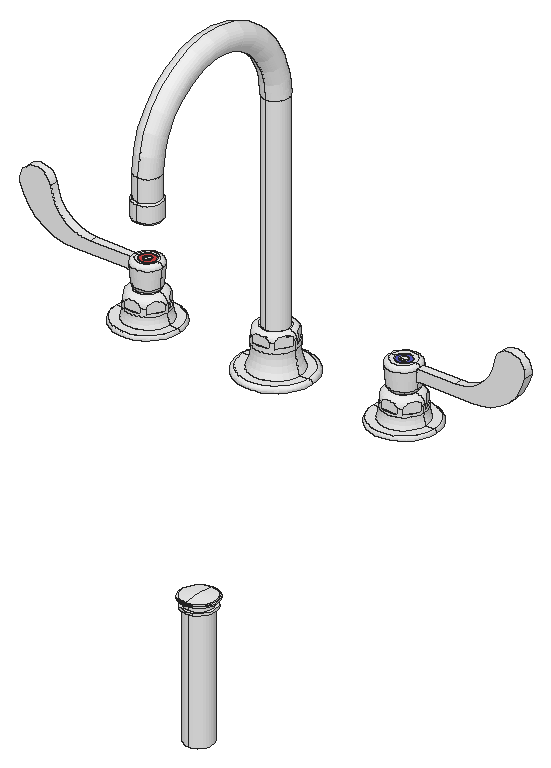
Revit family "Faucet-Two_Handle-American_Standard-Monterrey-65401X0_Series.rfaxxxx", category Plumbing Fixtures, Revit 2019
Family settings
  Round Connector Dimension = Use Diameter
  Part Type = Normal
  OmniClass Number = 23.45.55.17
  OmniClass Title = Mixing Faucets
  Work Plane-Based = Yes
  Always vertical = No
  Cut with Voids When Loaded = No
  Shared = Yes
  Room Calculation Point = No
Parameters (values of type "6540.170.002")
  Wrist Blade Handles = yes
  Waste Connection = no
  Warranty Information = "5 Year Limited Warranty"
  WFU = 2
  Vent Connection = no
  URL = "https://americanstandard.ca/"
  Spout Reach = 5"
  Revised Date = "07/25/2022"
  Reach Height = 6 1/2"
  Product Page URL = "https://americanstandard.ca/Mechanical-Commercial-Fittings/Monterrey-8-Inch-Widespread-Gooseneck-Faucet-With-Wrist-Blade-Handles-15-gpm-57-Lpm/CHROME-6540170002"
  Product Documentation Link = "https://americanstandard.box.com/shared/static/75bwkv9bam5zr1diu6ludrzjhu0dzpfk.pdf"
  Price = "Prices may vary. Please consult Manufacturer Representative for most up-to-date price list."  # constant formula
  Pop-up Drain Width from Faucet Centre Constraint = 3"
  Pop-up Drain Included = 1 = 1  # yes
  Pop-up Drain Depth = 5"
  Model = "6540.170.002"
  Material = "Cast Brass-American Standard-002-Polished Chrome"
  Manufacturer = "American Standard"
  Lever Handles = not(Wrist Blade Handles)  # no
  Length = 15 3/4"
  Installation Type = "Deck Mounted"
  Hot Water Connection Diameter = 1/2"
  Height = 10 5/8"
  Handle Distance = 8"
  HWFU = 1.5
  HW Connection = yes
  Flow Rate = "1.5 gpm/5.7 Lpm"
  Finish = Cast Brass-American Standard-002-Polished Chrome
  Description = "Monterrey® 8-Inch Widespread Gooseneck Faucet With Wrist Blade Handles 1.5 gpm/5.7 Lpm"
  Default Elevation = 0"
  Creation Date = "02/25/2016"
  Compliance Certifications = "ASME A112.18.1, CSA B125.1 and NSF 372"
  Cold Water Connection Diameter = 1/2"
  CWFU = 1.5
  CW Connection = yes
  Assembly Code = "D2020300"
  ADA Compliant = yes
Types (3): name | Wrist Blade Handles | Product Page URL | Product Documentation Link | Model | Lever Handles | Length | Description
  (no name) | yes | "https://americanstandard.ca/Mechanical-Commercial-Fittings/Monterrey-8-Inch-Widespread-Gooseneck-Faucet-With-Wrist-Blade-Handles-15-gpm-57-Lpm/CHROME-6540170002" | "https://americanstandard.box.com/shared/static/75bwkv9bam5zr1diu6ludrzjhu0dzpfk.pdf" | "6540.170.002" | no | 15 3/4" | "Monterrey® 8-Inch Widespread Gooseneck Faucet With Wrist Blade Handles 1.5 gpm/5.7 Lpm"
  6540.170.002 | yes | "https://americanstandard.ca/Mechanical-Commercial-Fittings/Monterrey-8-Inch-Widespread-Gooseneck-Faucet-With-Wrist-Blade-Handles-15-gpm-57-Lpm/CHROME-6540170002" | "https://americanstandard.box.com/shared/static/75bwkv9bam5zr1diu6ludrzjhu0dzpfk.pdf" | "6540.170.002" | no | 15 3/4" | "Monterrey® 8-Inch Widespread Gooseneck Faucet With Wrist Blade Handles 1.5 gpm/5.7 Lpm"
  6540.140.002 | no | "https://americanstandard.ca/Mechanical-Commercial-Fittings/Monterrey-8-Inch-Widespread-Gooseneck-Faucet-With-Lever-Handles-15-gpm-57-Lpm/CHROME-6540140002" | "https://americanstandard.box.com/shared/static/lr9xl6yb2hbb5vzryklzcfi2rpg5sjh2.pdf" | "6540.140.002" | yes | 12 1/2" | "Monterrey® 8-Inch Widespread Gooseneck Faucet With Lever Handles 1.5 gpm/5.7 Lpm"
Reference planes (in)
  plane 1 "Center (Front/Back)": y = 0
  plane 2: z = 0
  plane 3 "Center (Left/Right)": x = 0
  plane 4: z = 10.625
  plane 5: y = -5
  plane 6: z = 6.5
  plane 7: x = 4
  plane 8: x = -4
  plane 9: x = -5
  plane 10: z = 0.17426
  plane 11: y = -0.375
  plane 12: x = -3
  plane 13: x = 5
  plane 14: x = 3
  plane 15: x = -7.875
  plane 16: x = 7.875
  plane 17: x = -6.25
  plane 18: z = -5
  plane 19: y = -3
  plane 20: x = 0.37856
  plane 21: x = -0.37856
Forms (in)
  Sweep 1, solid, material "Cast Brass-American Standard-002-Polished Chrome" <- "Finish"
    path origin (0, 0, -1.50409) x (0, 1, 0) y (0, 0, 1)
      loop
        line (0, 2.52781) -> (0, 9.25409)
        arc (0, 9.25409) -> (-2.5, 11.75409) -> (-5, 9.25409) r 2.5
        line (-5, 9.25409) -> (-5, 8.24965)
    profile origin (0, 0, 4.38686) x (0, -1, 0) y (1, 0, 0)
      loop
        circle (0, 0) r 0.37856
  Revolve 2, solid, material "Cast Brass-American Standard-002-Polished Chrome" <- "Finish"
    sketch origin (0, 0, 0) x (1, 0, 0) y (0, 0, 1)
      loop
        line (-4, 1.75726) -> (-4.11701, 1.75726) -> (-4.11701, 1.69896) -> (-4.24201, 1.69896) -> (-4.24201, 1.75726) -> (-4.32791, 1.75726)
        arc (-4.32791, 1.75726) -> (-4.42046, 1.71627) -> (-4.45232, 1.62019) r 0.125
        line (-4.45232, 1.62019) -> (-4.39778, 1.05773)
        arc (-4.39778, 1.05773) -> (-4.36565, 0.99373) -> (-4.29886, 0.96794) r 0.09938
        line (-4.29886, 0.96794) -> (-4.17228, 0.96794) -> (-4.17228, 0.93) -> (-4.37262, 0.93)
        arc (-4.37262, 0.93) -> (-4.5494, 0.85678) -> (-4.62262, 0.68) r 0.25
        line (-4.62262, 0.68) -> (-4.62262, 0.45123)
        arc (-4.62262, 0.45123) -> (-4.63597, 0.28237) -> (-4.68685, 0.12081) r 0.75054
        line (-4.68685, 0.12081) -> (-4.95648, 0.12081)
        arc (-4.95648, 0.12081) -> (-4.99181, 0.0653) -> (-5, 0) r 0.15007
        line (-5, 0) -> (-4, 0) -> (-4, 1.75726)
      axis (-4, 1.75726) -> (-4, 0)
    angle from 0 to 360
  Revolve 3, solid, material "Cast Brass-American Standard-002-Polished Chrome" <- "Finish"
    sketch origin (0, 0, 0) x (1, 0, 0) y (0, 0, 1)
      loop
        line (0, 0) -> (0, 1.32462) -> (-0.42891, 1.32462)
        arc (-0.42891, 1.32462) -> (-0.57144, 1.26558) -> (-0.63047, 1.12306) r 0.20156
        line (-0.63047, 1.12306) -> (-0.63047, 0.82462)
        arc (-0.63047, 0.82462) -> (-0.63991, 0.47235) -> (-0.76259, 0.142) r 1.07672
        line (-0.76259, 0.142) -> (-1.02139, 0.142)
        arc (-1.02139, 0.142) -> (-1.1063, 0.09564) -> (-1.12082, 0) r 0.1089
        line (-1.12082, 0) -> (0, 0)
      axis (0, 1.32462) -> (0, 0)
    angle from 0 to 360
  Extrusion 4, void
    sketch origin (0, 0, 0) x (1, 0, 0) y (0, 1, 0)
      loop
        line (-0.66376, 0) -> (-0.33188, -0.57483) -> (0.33188, -0.57483) -> (0.66376, 0) -> (0.33188, 0.57483) -> (-0.33188, 0.57483) -> (-0.66376, 0)
      loop
        circle (0, 0) r 0.75
    from 0.957 to 1.38415
  Extrusion 5, void
    sketch origin (0, 0, 0) x (1, 0, 0) y (0, 1, 0)
      loop
        line (-3.34125, 0) -> (-3.67062, 0.5705) -> (-4.32938, 0.5705) -> (-4.65875, 0) -> (-4.32938, -0.5705) -> (-3.67062, -0.5705) -> (-3.34125, 0)
      loop
        circle (-4, 0) r 0.70724
    from 0.93221 to 0.524
  Revolve 6, solid, material "Cast Brass-American Standard-002-Polished Chrome" <- "Finish"
    sketch origin (0, 0, 0) x (-1, 0, 0) y (0, 0, -1)
      loop
        line (-4, -1.75726) -> (-4, 0) -> (-5, 0)
        arc (-5, 0) -> (-4.99181, -0.0653) -> (-4.95648, -0.12081) r 0.15007
        line (-4.95648, -0.12081) -> (-4.68685, -0.12081)
        arc (-4.68685, -0.12081) -> (-4.63597, -0.28237) -> (-4.62262, -0.45123) r 0.75054
        line (-4.62262, -0.45123) -> (-4.62262, -0.68)
        arc (-4.62262, -0.68) -> (-4.5494, -0.85678) -> (-4.37262, -0.93) r 0.25
        line (-4.37262, -0.93) -> (-4.17228, -0.93) -> (-4.17228, -0.96794) -> (-4.34595, -0.96794)
        arc (-4.34595, -0.96794) -> (-4.41275, -0.99373) -> (-4.44487, -1.05773) r 0.09938
        line (-4.44487, -1.05773) -> (-4.49942, -1.62019)
        arc (-4.49942, -1.62019) -> (-4.46756, -1.71627) -> (-4.375, -1.75726) r 0.125
        line (-4.375, -1.75726) -> (-4.24201, -1.75726) -> (-4.24201, -1.69896) -> (-4.11701, -1.69896) -> (-4.11701, -1.75726) -> (-4, -1.75726)
      axis (-4, -1.75726) -> (-4, 0)
    angle from 0 to 360
  Extrusion 7, void
    sketch origin (0, 0, 0) x (-1, 0, 0) y (0, -1, 0)
      loop
        line (-3.34125, 0) -> (-3.67062, 0.5705) -> (-4.32938, 0.5705) -> (-4.65875, 0) -> (-4.32938, -0.5705) -> (-3.67062, -0.5705) -> (-3.34125, 0)
      loop
        circle (-4, 0) r 0.70724
    from 0.93221 to 0.524
  Extrusion 8, solid, material "Cast Brass-American Standard-002-Polished Chrome" <- "Finish", visible <- "Wrist Blade Handles"
    sketch origin (0, 0, -0.0625) x (-1, 0, 0) y (0, 0, -1)
      loop
        arc (-6.17228, -1.40079) -> (-7.25828, -1.72432) -> (-7.875, -2.67496) r 1.63938
        arc (-7.875, -2.67496) -> (-7.48691, -3.22952) -> (-6.92805, -2.84766) r 0.48132
        arc (-6.92805, -2.84766) -> (-6.51546, -2.06427) -> (-5.68745, -1.7507) r 1.25
        line (-5.68745, -1.7507) -> (-4, -1.7507) -> (-4, -1.18458) -> (-4.19638, -1.18458)
        arc (-4.19638, -1.18458) -> (-4.38259, -1.34362) -> (-4.62072, -1.40079) r 0.52452
        line (-4.62072, -1.40079) -> (-6.17228, -1.40079)
    from -0.125 to 0.125
  Extrusion 9, solid, material "Cast Brass-American Standard-002-Polished Chrome" <- "Finish", visible <- "Wrist Blade Handles"
    sketch origin (0, 0, -0.0625) x (1, 0, 0) y (0, 0, 1)
      loop
        line (-6.17228, 1.40079) -> (-4.62072, 1.40079)
        arc (-4.62072, 1.40079) -> (-4.38259, 1.34362) -> (-4.19638, 1.18458) r 0.52452
        line (-4.19638, 1.18458) -> (-4, 1.18458) -> (-4, 1.7507) -> (-5.68745, 1.7507)
        arc (-5.68745, 1.7507) -> (-6.51546, 2.06427) -> (-6.92805, 2.84766) r 1.25
        arc (-6.92805, 2.84766) -> (-7.48691, 3.22952) -> (-7.875, 2.67496) r 0.48132
        arc (-7.875, 2.67496) -> (-7.25828, 1.72432) -> (-6.17228, 1.40079) r 1.63938
    from -0.125 to 0.125
  Revolve 10, solid, material "Cast Brass-American Standard-002-Polished Chrome" <- "Finish"
    sketch origin (0, 4.5, 10.45291) x (0, 1, 0) y (0, 0, 1)
      loop
        line (-9.09648, -3.95291) -> (-9.07292, -3.9121) -> (-9.07292, -3.43087) -> (-9.105, -3.3753) -> (-9.5, -3.3753) -> (-9.5, -3.95291) -> (-9.09648, -3.95291)
      axis (-9.5, -3.95291) -> (-9.5, -3.3753)
    angle from 0 to 360
  Extrusion 11, solid, material "Cast Brass-American Standard-002-Polished Chrome" <- "Finish", visible <- "Lever Handles"
    sketch origin (-0.01413, -0.00244, 0.25793) x (-1, 0, 0) y (0, 0, -1)
      loop
        line (4.29224, -1.43027) -> (6.23587, -1.43027)
        arc (6.23587, -1.43027) -> (6.24845, -1.42258) -> (6.24733, -1.40787) r 0.01413
        arc (6.24733, -1.40787) -> (5.60831, -0.99569) -> (4.85912, -1.12582) r 1.04489
        arc (4.85912, -1.12582) -> (4.54174, -1.14097) -> (4.35581, -0.88332) r 0.33339
        line (4.35581, -0.88332) -> (4.35581, -0.77193) -> (4.29224, -0.77193) -> (4.29224, -1.43027)
    from -0.05437 to 0.04949
  Extrusion 12, solid, material "Cast Brass-American Standard-002-Polished Chrome" <- "Finish", visible <- "Lever Handles"
    sketch origin (0.01413, -0.00244, 0.25793) x (1, 0, 0) y (0, 0, 1)
      loop
        line (4.29224, 1.43027) -> (4.29224, 0.77193) -> (4.35581, 0.77193) -> (4.35581, 0.88332)
        arc (4.35581, 0.88332) -> (4.54174, 1.14097) -> (4.85912, 1.12582) r 0.33339
        arc (4.85912, 1.12582) -> (5.60831, 0.99569) -> (6.24733, 1.40787) r 1.04489
        arc (6.24733, 1.40787) -> (6.24845, 1.42258) -> (6.23587, 1.43027) r 0.01413
        line (6.23587, 1.43027) -> (4.29224, 1.43027)
    from -0.05437 to 0.04949
  Extrusion 13, solid, material "Cast Brass-American Standard-002-Polished Chrome" <- "Finish"
    sketch origin (-4, 0, 1.75726) x (0, 1, 0) y (-1, 0, 0)
      loop
        circle (0, -8) r 0.24201
      loop
        circle (0, -8) r 0.11701
    from -0.18773 to 0
  Extrusion 14, solid, material "Cast Brass-American Standard-002-Polished Chrome" <- "Finish"
    sketch origin (-4, 0, 1.75726) x (0, 1, 0) y (-1, 0, 0)
      loop
        circle (0, 0) r 0.24201
      loop
        circle (0, 0) r 0.11701
    from -0.18773 to 0
  Revolve 15, solid, material "Cast Brass-American Standard-002-Polished Chrome" <- "Finish"
    sketch origin (0, 0, 0) x (0, 1, 0) y (0, 0, 1)
      loop
        line (-3, -4.89496) -> (-3, -9) -> (-2.59168, -9) -> (-2.59168, -5.24326) -> (-2.5, -5.24326) -> (-2.5, -5.18596) -> (-2.59168, -5.18596) -> (-2.59168, -5) -> (-2.44391, -5) -> (-2.44391, -4.96875) -> (-2.5, -4.96875) -> (-2.5, -4.9375)
        arc (-2.5, -4.9375) -> (-2.7491, -4.90561) -> (-3, -4.89496) r 2.95973
      axis (-3, -4.89496) -> (-3, -9)
    angle from 0 to 360
Cuts and joins
  Extrusion 4 cuts Sweep 1
  Extrusion 4 cuts Revolve 3
  joined: Sweep 1, Revolve 3
  Extrusion 5, Extrusion 7 cuts Revolve 2
  Extrusion 7 cuts Revolve 6
  joined: Revolve 2, Revolve 6
Lines and regions (in)
  Masking region 1, visible <- "Pop-up Drain Included"
    outline origin (0, 0, 0) x (1, 0, 0) y (0, 1, 0)
      loop
        circle (0, -3) r 0.55609
  Masking region 2
    outline origin (0, 0, 0) x (1, 0, 0) y (0, 1, 0)
      loop
        line (-4.99216, 0.125) -> (-7.875, 0.125) -> (-7.875, -0.125) -> (-4.99216, -0.125)
        arc (-4.99216, -0.125) -> (-3, 0) -> (-4.99216, 0.125) r 1
      loop
        line (7.875, 0.125) -> (4.99216, 0.125)
        arc (4.99216, 0.125) -> (3, 0) -> (4.99216, -0.125) r 1
        line (4.99216, -0.125) -> (7.875, -0.125) -> (7.875, 0.125)
      loop
        line (-0.37856, -1.05496) -> (-0.37856, -4.57199)
        arc (-0.37856, -4.57199) -> (0, -5.57141) -> (0.37856, -4.57199) r 0.57141
        line (0.37856, -4.57199) -> (0.37856, -1.05496)
        arc (0.37856, -1.05496) -> (0, 1.12082) -> (-0.37856, -1.05496) r 1.12082
  symbolic lines, detail levels fine
    curve 1: circle (-4, 0, 0) r 0.24201 normal (0, 0, -1)
    curve 3: arc (-0.37856, -0.50417, 0) -> (0.00635, 0.63044, 0) -> (0.36833, -0.51169, 0) r 0.63047
    curve 7: circle (4, 0, 0) r 0.13264 normal (0, 0, 1)
    curve 10: arc (4.67538, 0.125, 0) -> (3.31315, 0, 0) -> (4.67538, -0.125, 0) r 0.68685
    curve 13: arc (-4.67538, 0.125, 0) -> (-3.31315, 0, 0) -> (-4.67538, -0.125, 0) r 0.68685
    curve 20: arc (-0.37856, -4.88724, 0) -> (0, -5.395, 0) -> (0.37856, -4.88724, 0) r 0.395
    curve 21: line (-4.24939, 0.5705, 0) -> (-3.75061, 0.5705, 0)
    curve 22: line (-4.58658, 0.125, 0) -> (-4.36937, 0.50122, 0)
    curve 23: line (-4.36937, -0.50122, 0) -> (-4.58658, -0.125, 0)
    curve 24: line (-3.75061, -0.5705, 0) -> (-4.24939, -0.5705, 0)
    curve 25: line (-3.38124, -0.06927, 0) -> (-3.63063, -0.50122, 0)
    curve 26: line (-3.63063, 0.50122, 0) -> (-3.38124, 0.06927, 0)
    curve 27: line (-4.36937, 0.50122, 0) -> (-4.24939, 0.5705, 0)
    curve 28: line (-3.75061, 0.5705, 0) -> (-3.63063, 0.50122, 0)
    curve 29: line (-3.38124, 0.06927, 0) -> (-3.38124, -0.06927, 0)
    curve 30: line (-3.63063, -0.50122, 0) -> (-3.75061, -0.5705, 0)
    curve 31: line (-4.24939, -0.5705, 0) -> (-4.36937, -0.50122, 0)
    curve 32: line (3.75061, 0.5705, 0) -> (4.24939, 0.5705, 0)
    curve 33: line (3.38124, 0.06927, 0) -> (3.63063, 0.50122, 0)
    curve 34: line (3.63063, -0.50122, 0) -> (3.38124, -0.06927, 0)
    curve 35: line (4.24939, -0.5705, 0) -> (3.78909, -0.5705, 0)
    curve 36: line (4.58658, -0.125, 0) -> (4.36937, -0.50122, 0)
    curve 37: line (4.36937, 0.50122, 0) -> (4.58658, 0.125, 0)
    curve 38: line (3.75061, 0.5705, 0) -> (3.63063, 0.50122, 0)
    curve 39: line (3.38124, 0.06927, 0) -> (3.38124, -0.06927, 0)
    curve 40: line (3.63063, -0.50122, 0) -> (3.75061, -0.5705, 0)
    curve 41: line (4.24939, -0.5705, 0) -> (4.36937, -0.50122, 0)
    curve 42: line (4.36937, 0.50122, 0) -> (4.24939, 0.5705, 0)
    curve 43: arc (-4, -0.11701, 0) -> (-4.11701, 0, 0) -> (-4, 0.11701, 0) r 0.11701
    curve 44: arc (-4, 0.11701, 0) -> (-3.88299, 0, 0) -> (-4, -0.11701, 0) r 0.11701
    curve 45: circle (4, 0, 0) r 0.24201 normal (0, 0, 1)
  symbolic lines, detail levels medium+fine
    curve 2: arc (0.37856, -0.66199, 0) -> (0, 0.76259, 0) -> (-0.37856, -0.66199, 0) r 0.76259
    curve 4: arc (-0.37856, 0, 0) -> (0, 0.37856, 0) -> (0.37856, 0, 0) r 0.37856
    curve 5: line (0.37856, 0, 0) -> (0.37856, -1.05496, 0)
    curve 6: line (-0.37856, 0, 0) -> (-0.37856, -1.05496, 0)
    curve 8: line (4.99216, 0.125, 0) -> (4.43532, 0.125, 0)
    curve 9: line (4.99216, -0.125, 0) -> (4.43532, -0.125, 0)
    curve 11: line (-4.99216, 0.125, 0) -> (-4.43532, 0.125, 0)
    curve 12: line (-4.99216, -0.125, 0) -> (-4.43532, -0.125, 0)
    curve 14: arc (-4.43532, -0.125, 0) -> (-3.54709, 0, 0) -> (-4.43532, 0.125, 0) r 0.45291
    curve 15: arc (4.43532, -0.125, 0) -> (3.54709, 0, 0) -> (4.43532, 0.125, 0) r 0.45291
    curve 16: arc (0.37856, -4.8023, 0) -> (0, -5.42708, 0) -> (-0.37856, -4.8023, 0) r 0.42708
    curve 17: line (-0.37856, -4.57199, 0) -> (-0.37856, -5, 0)
    curve 18: arc (-0.37856, -5, 0) -> (0, -5.37856, 0) -> (0.37856, -5, 0) r 0.37856
    curve 19: line (0.37856, -4.57199, 0) -> (0.37856, -5, 0)
Dimensions and locks (in)
  "Height": plane 4 to level
  "Spout Reach": plane 1 "Center (Front/Back)" to plane 5
  locked: Sweep 1 sketch curve to plane 11 at 0.375
  locked: plane 9 to plane 8 at 1
  locked: plane 12 to plane 8 at 1
  plane 14 to plane 7 to plane 13 = 1" locked, 1" locked
  "Handle Distance": plane 7 to plane 8
  equal spacing: plane 7, plane 3 "Center (Left/Right)", plane 8
  equal spacing: plane 16, plane 3 "Center (Left/Right)", plane 15
  "Reach Height": plane 6 to level
  plane 8 to plane 15 = 3 7/8"
  plane 7 to plane 16 = 3 7/8"
  plane 6 to level = 6 1/2"
  plane 4 to level = 10 5/8"
  locked: plane 4 to Sweep 1 sketch curve at 0.375
  curve 17 to curve 18 = 0.57141"
  Revolve 10 sketch curve to Revolve 10 sketch curve to Revolve 10 sketch curve to Revolve 10 sketch curve = 0.02356" locked, 0.00852" locked, 0.395" locked
  plane 8 to plane 17 = 2 1/4"
  "Pop-up Drain Depth": level to plane 18
  "Pop-up Drain Width from Faucet Centre Constraint": plane 1 "Center (Front/Back)" to plane 19
  Revolve 15 sketch curve to Revolve 15 sketch curve to Revolve 15 sketch curve to Revolve 15 sketch curve to Revolve 15 sketch curve = 0.05609" locked, 0" locked, 0.09168" locked, 0.40832" locked
  "Length": Masking region 2 sketch curve to Masking region 2 sketch curve
  equal spacing: Masking region 2 sketch curve, plane 3 "Center (Left/Right)", Masking region 2 sketch curve
  aligned and locked: Revolve 2 sketch curve to Revolve 2 sketch curve
  aligned and locked: Revolve 2 sketch curve to plane 8
  aligned and locked: Revolve 6 sketch curve to Revolve 6 sketch curve
  aligned and locked: plane 13 to Revolve 6 sketch curve
  aligned and locked: curve 1 to cut or joined group of Revolve 2, Extrusion 5, Revolve 6, Extrusion 7
  aligned and locked: curve 2 to cut or joined group of Sweep 1, Revolve 3, Extrusion 4
  aligned and locked: curve 3 to cut or joined group of Sweep 1, Revolve 3, Extrusion 4
  aligned and locked: curve 4 to cut or joined group of Sweep 1, Revolve 3, Extrusion 4
  aligned and locked: Sweep 1 sketch curve to plane 5
  aligned and locked: plane 5 to Revolve 10 sketch curve  (x2)
  aligned and locked: curve 16 to Revolve 10
  aligned and locked: curve 20 to Revolve 10
  aligned and locked: curve 21 to cut or joined group of Revolve 2, Extrusion 5, Revolve 6, Extrusion 7
  aligned and locked: cut or joined group of Revolve 2, Extrusion 5, Revolve 6, Extrusion 7 to curve 22
  aligned and locked: curve 23 to cut or joined group of Revolve 2, Extrusion 5, Revolve 6, Extrusion 7
  aligned and locked: curve 24 to cut or joined group of Revolve 2, Extrusion 5, Revolve 6, Extrusion 7
  aligned and locked: curve 25 to cut or joined group of Revolve 2, Extrusion 5, Revolve 6, Extrusion 7
  aligned and locked: curve 26 to cut or joined group of Revolve 2, Extrusion 5, Revolve 6, Extrusion 7
  aligned and locked: curve 32 to cut or joined group of Revolve 2, Extrusion 5, Revolve 6, Extrusion 7
  aligned and locked: curve 33 to cut or joined group of Revolve 2, Extrusion 5, Revolve 6, Extrusion 7
  aligned and locked: curve 34 to cut or joined group of Revolve 2, Extrusion 5, Revolve 6, Extrusion 7
  aligned and locked: curve 35 to cut or joined group of Revolve 2, Extrusion 5, Revolve 6, Extrusion 7
  aligned and locked: cut or joined group of Revolve 2, Extrusion 5, Revolve 6, Extrusion 7 to curve 36
  aligned and locked: curve 37 to cut or joined group of Revolve 2, Extrusion 5, Revolve 6, Extrusion 7
  aligned and locked: Revolve 15 sketch curve to plane 19  (x2)
  aligned and locked: Revolve 15 sketch curve to plane 18
  aligned and locked: Revolve 15 sketch curve to Revolve 15 sketch curve
  aligned and locked: plane 19 to Revolve 15 sketch curve
  aligned and locked: Masking region 1 sketch curve to Revolve 15
  aligned and locked: plane 20 to Masking region 2 sketch curve
  aligned and locked: Masking region 2 sketch curve to plane 21
Automatic sketch dimensions
  plane 6 to Sweep 1 sketch curve = 0.24557"
  level to Sweep 1 sketch curve = 1.02373"
  Sweep 1 sketch curve to profile plane = 0"  (x2)
  plane 16 to Extrusion 8 sketch curve = 0"
  plane 7 to Extrusion 8 sketch curve = 0"
  Extrusion 8 sketch curve to plane 16 = 0.47444"
  Extrusion 8 sketch curve to Extrusion 8 sketch curve = 1.12449"
  Extrusion 8 sketch curve to plane 13 = 1.17228"
  Extrusion 8 sketch curve to Extrusion 8 sketch curve = 0.48482"
  plane 13 to Extrusion 8 sketch curve = 0.37928"
  plane 7 to Extrusion 8 sketch curve = 0.19638"
  Extrusion 8 sketch curve to level = 0.81377"
  Extrusion 8 sketch curve to Extrusion 8 sketch curve = 0.3083"
  Extrusion 8 sketch curve to Extrusion 8 sketch curve = 0.56612"
  Extrusion 8 sketch curve to Extrusion 8 sketch curve = 1.35523"
  Extrusion 8 sketch curve to Extrusion 8 sketch curve = 1 1/4"
  Extrusion 8 sketch curve to Extrusion 8 sketch curve = 0.03619"
  Extrusion 9 sketch curve to plane 15 = 0"
  Extrusion 9 sketch curve to plane 8 = 0"
  plane 15 to Extrusion 9 sketch curve = 0.47444"
  Extrusion 9 sketch curve to plane 17 = 0.02607"
  plane 17 to Extrusion 9 sketch curve = 0.07772"
  plane 17 to Extrusion 9 sketch curve = 0.56255"
  Extrusion 9 sketch curve to plane 9 = 0.37928"
  Extrusion 9 sketch curve to plane 8 = 0.19638"
  level to Extrusion 9 sketch curve = 0.81377"
  Extrusion 9 sketch curve to Extrusion 9 sketch curve = 0.3083"
  Extrusion 9 sketch curve to Extrusion 9 sketch curve = 0.56612"
  Extrusion 9 sketch curve to Extrusion 9 sketch curve = 1.35523"
  Extrusion 9 sketch curve to Extrusion 9 sketch curve = 1 1/4"
  Extrusion 9 sketch curve to Extrusion 9 sketch curve = 0.03619"
  Revolve 10 sketch curve to plane 6 = 0"
  plane 6 to Revolve 10 sketch curve = 0.04081"
  Revolve 10 sketch curve to Revolve 10 sketch curve = 0.48123"
  Revolve 10 sketch curve to Revolve 10 sketch curve = 0.05556"
  Revolve 10 sketch curve to Revolve 10 sketch curve = 0.27392"
  Revolve 10 sketch curve to Revolve 10 sketch curve = 1"
  Extrusion 11 sketch curve to plane 17 = 0"
  plane 9 to Extrusion 11 sketch curve = 0.4144"
  Extrusion 11 sketch curve to plane 9 = 0.29942"
  Extrusion 11 sketch curve to Extrusion 11 sketch curve = 0.33065"
  Extrusion 11 sketch curve to plane 8 = 0.30637"
  level to Extrusion 11 sketch curve = 2.27758"
  Extrusion 11 sketch curve to Extrusion 11 sketch curve = 0.58938"
  Extrusion 11 sketch curve to Extrusion 11 sketch curve = 0.01413"
  Extrusion 11 sketch curve to Extrusion 11 sketch curve = 0.54695"
  Extrusion 11 sketch curve to Extrusion 11 sketch curve = 0.0427"
  Extrusion 11 sketch curve to Extrusion 11 sketch curve = 0.11138"
  Extrusion 11 sketch curve to Extrusion 11 sketch curve = 0"
  Extrusion 12 sketch curve to plane 7 = 0.30637"
  Extrusion 12 sketch curve to Extrusion 12 sketch curve = 0.06357"
  Extrusion 12 sketch curve to plane 13 = 0.29942"
  plane 13 to Extrusion 12 sketch curve = 0.4144"
  Extrusion 12 sketch curve to Extrusion 12 sketch curve = 0.8356"
  level to Extrusion 12 sketch curve = 1.02986"
  Extrusion 12 sketch curve to Extrusion 12 sketch curve = 0.06869"
  Extrusion 12 sketch curve to Extrusion 12 sketch curve = 0.11138"
  Extrusion 12 sketch curve to Extrusion 12 sketch curve = 0.57552"
  Extrusion 12 sketch curve to Extrusion 12 sketch curve = 0.54695"
  Extrusion 12 sketch curve to Extrusion 12 sketch curve = 0.58938"
  Extrusion 12 sketch curve to Extrusion 12 sketch curve = 0"
  Revolve 2 sketch curve to level = 0"
  plane 9 to Revolve 2 sketch curve = 0"
  plane 9 to Revolve 2 sketch curve = 0.37273"
  Revolve 2 sketch curve to plane 9 = 0.04352"
  level to Revolve 2 sketch curve = 0.01443"
  Revolve 2 sketch curve to plane 9 = 0.14937"
  Revolve 2 sketch curve to Revolve 2 sketch curve = 0.16378"
  Revolve 2 sketch curve to plane 9 = 0.37738"
  Revolve 2 sketch curve to plane 8 = 0.45232"
  Revolve 2 sketch curve to plane 8 = 0.39778"
  Revolve 2 sketch curve to Revolve 2 sketch curve = 0.02515"
  Revolve 2 sketch curve to Revolve 2 sketch curve = 0.12442"
  Revolve 2 sketch curve to Revolve 2 sketch curve = 0.07376"
  Revolve 2 sketch curve to Revolve 2 sketch curve = 0.0859"
  Revolve 2 sketch curve to Revolve 2 sketch curve = 0.12658"
  level to Revolve 2 sketch curve = 0.42558"
  Revolve 2 sketch curve to Revolve 2 sketch curve = 0.22877"
  Revolve 2 sketch curve to Revolve 2 sketch curve = 0.03794"
  Revolve 2 sketch curve to Revolve 2 sketch curve = 0.12773"
  Revolve 2 sketch curve to Revolve 2 sketch curve = 0.56246"
  Revolve 2 sketch curve to Revolve 2 sketch curve = 0.01207"
  Revolve 2 sketch curve to Revolve 2 sketch curve = 0.05829"  (x2)
  Revolve 2 sketch curve to plane 8 = 0.11701"
  Revolve 2 sketch curve to level = 0.17825"
  Revolve 2 sketch curve to Revolve 2 sketch curve = 0.45282"
  plane 7 to Revolve 6 sketch curve = 0"
  Revolve 6 sketch curve to level = 0"
  plane 13 to Revolve 6 sketch curve = 0.37273"
  Revolve 6 sketch curve to plane 13 = 0.04352"
  level to Revolve 6 sketch curve = 0.01443"
  Revolve 6 sketch curve to plane 13 = 0.14937"
  Revolve 6 sketch curve to Revolve 6 sketch curve = 0.16378"
  Revolve 6 sketch curve to plane 13 = 0.37738"
  Revolve 6 sketch curve to Revolve 6 sketch curve = 0.17775"
  Revolve 6 sketch curve to Revolve 6 sketch curve = 0.12442"
  Revolve 6 sketch curve to Revolve 6 sketch curve = 1/4"
  Revolve 6 sketch curve to Revolve 6 sketch curve = 0.02667"
  Revolve 6 sketch curve to Revolve 6 sketch curve = 0.13299"
  Revolve 6 sketch curve to plane 7 = 0.17228"
  level to Revolve 6 sketch curve = 0.42558"
  Revolve 6 sketch curve to Revolve 6 sketch curve = 0.22877"
  Revolve 6 sketch curve to Revolve 6 sketch curve = 0.03794"
  Revolve 6 sketch curve to Revolve 6 sketch curve = 0.08979"
  Revolve 6 sketch curve to Revolve 6 sketch curve = 0.56246"
  Revolve 6 sketch curve to Revolve 6 sketch curve = 0.01207"
  Revolve 6 sketch curve to level = 0.17825"
  Revolve 6 sketch curve to Revolve 6 sketch curve = 0.45282"
  Revolve 6 sketch curve to Revolve 6 sketch curve = 0.11701"
  Revolve 6 sketch curve to Revolve 6 sketch curve = 1/8"
  Revolve 6 sketch curve to Revolve 6 sketch curve = 0"
  Revolve 6 sketch curve to Revolve 6 sketch curve = 0.05829"
  Extrusion 13 sketch curve to Extrusion 13 sketch curve = 0"  (x3)
  Revolve 2 to Extrusion 13 sketch curve = 0"
  curve 1 to curve 13 = 0"  (x2)
  curve 1 to curve 14 = 0"  (x2)
  curve 1 to curve 43 = 0"  (x2)
  curve 7 to curve 10 = 0"  (x2)
  curve 16 to curve 18 = 0"  (x2)
  curve 27 to plane 8 = 0.24939"
  curve 24 to plane 8 = 0.24939"
  curve 22 to curve 21 = 0.11998"
  curve 31 to curve 24 = 0.11998"
  plane 1 "Center (Front/Back)" to curve 12 = 1/8"
  curve 23 to curve 12 = 0.15126"
  curve 11 to plane 1 "Center (Front/Back)" = 1/8"
  plane 8 to curve 21 = 0.24939"
  plane 8 to curve 24 = 0.24939"
  curve 24 to curve 25 = 0.11998"
  curve 21 to curve 26 = 0.11998"
  plane 1 "Center (Front/Back)" to curve 25 = 0.06927"
  curve 17 to plane 3 "Center (Left/Right)" = 0.37856"
  curve 39 to plane 1 "Center (Front/Back)" = 0.06927"
  curve 39 to plane 14 = 0.38124"
  plane 7 to curve 40 = 0.36937"
  plane 7 to curve 38 = 0.36937"
  curve 33 to curve 38 = 0.11998"
  curve 35 to plane 7 = 0.24939"
  curve 42 to plane 7 = 0.24939"
  curve 32 to curve 37 = 0.11998"
  curve 35 to curve 36 = 0.11998"
  plane 1 "Center (Front/Back)" to curve 9 = 1/8"
  curve 36 to curve 9 = 0.06595"
  curve 8 to plane 1 "Center (Front/Back)" = 1/8"
  curve 41 to curve 9 = 0.4455"
  curve 35 to curve 34 = 0.06927"
  curve 35 to curve 41 = 0.06927"
  plane 1 "Center (Front/Back)" to curve 39 = 0.06927"
  curve 33 to curve 33 = 0.43195"
  curve 15 to curve 42 = 0.37622"
  curve 37 to curve 42 = 0.06927"
  curve 13 to curve 22 = 0.0888"
  curve 11 to plane 9 = 0.00784"
  curve 12 to plane 9 = 0.00784"
  curve 3 to curve 2 = 0.01023"
  curve 34 to curve 40 = 0.11998"
  curve 40 to curve 35 = 0.03848"
  curve 15 to curve 37 = 0.15126"
  curve 9 to curve 36 = 0.15126"
  curve 37 to curve 10 = 0.0888"
  curve 8 to plane 13 = 0.00784"
  curve 9 to plane 13 = 0.00784"
  curve 16 to curve 17 = 0.23031"
  curve 16 to curve 19 = 0.23031"
  curve 6 to curve 2 = 0.39297"
  curve 5 to curve 2 = 0.39297"
  curve 40 to curve 35 = 0"
  curve 44 to curve 1 = 0.11701"
  Revolve 3 sketch curve to level = 0"
  Revolve 3 sketch curve to plane 3 "Center (Left/Right)" = 0"  (x2)
  Revolve 3 sketch curve to Revolve 3 sketch curve = 0.42891"
  Revolve 3 sketch curve to Revolve 3 sketch curve = 0.20156"
  plane 10 to Revolve 3 sketch curve = 0.03226"
  Revolve 3 sketch curve to Revolve 3 sketch curve = 0.13211"
  level to Revolve 3 sketch curve = 0.03318"
  Revolve 3 sketch curve to Revolve 3 sketch curve = 0.25451"
  Revolve 3 sketch curve to Revolve 3 sketch curve = 0.0043"
  Revolve 3 sketch curve to Revolve 3 sketch curve = 0.67562"
  level to Revolve 3 sketch curve = 0.67694"
  Revolve 3 sketch curve to Revolve 3 sketch curve = 0.29844"
  Revolve 3 sketch curve to Revolve 3 sketch curve = 0.30223"
  Revolve 3 sketch curve to Revolve 3 sketch curve = 0.12315"
  plane 1 "Center (Front/Back)" to Extrusion 4 sketch curve = 0"  (x3)
  Extrusion 4 sketch curve to plane 3 "Center (Left/Right)" = 0"
  Extrusion 4 sketch curve to plane 3 "Center (Left/Right)" = 0.33188"  (x2)
  Extrusion 4 sketch curve to Extrusion 4 sketch curve = 0.33188"  (x2)
  plane 3 "Center (Left/Right)" to Extrusion 4 sketch curve = 0.33188"  (x2)
  plane 1 "Center (Front/Back)" to Extrusion 4 sketch curve = 0.57483"
  Extrusion 4 sketch curve to plane 1 "Center (Front/Back)" = 0.57483"
  plane 1 "Center (Front/Back)" to Extrusion 5 sketch curve = 0"  (x3)
  Extrusion 5 sketch curve to plane 8 = 0"
  Extrusion 5 sketch curve to plane 8 = 0.32938"  (x2)
  Extrusion 5 sketch curve to plane 9 = 0.34125"
  plane 8 to Extrusion 5 sketch curve = 0.32938"  (x2)
  Extrusion 5 sketch curve to plane 12 = 0.34125"
  plane 1 "Center (Front/Back)" to Extrusion 5 sketch curve = 0.5705"
  Extrusion 5 sketch curve to plane 1 "Center (Front/Back)" = 0.5705"
  plane 1 "Center (Front/Back)" to Extrusion 7 sketch curve = 0"  (x3)
  Extrusion 7 sketch curve to plane 7 = 0"
  plane 7 to Extrusion 7 sketch curve = 0.32938"  (x2)
  plane 13 to Extrusion 7 sketch curve = 0.34125"
  Extrusion 7 sketch curve to plane 7 = 0.32938"  (x2)
  plane 14 to Extrusion 7 sketch curve = 0.34125"
  Extrusion 7 sketch curve to plane 1 "Center (Front/Back)" = 0.5705"
  plane 1 "Center (Front/Back)" to Extrusion 7 sketch curve = 0.5705"
  curve 7 to curve 15 = 0"  (x2)
  curve 7 to curve 45 = 0"
  plane 1 "Center (Front/Back)" to curve 10 = 0"
  curve 10 to curve 45 = 0"
  curve 15 to plane 7 = 0"
  plane 18 to Revolve 15 sketch curve = 1/32"
  Revolve 15 sketch curve to Revolve 15 sketch curve = 3.75674"
  Revolve 15 sketch curve to Revolve 15 sketch curve = 1.14531"
  Revolve 15 sketch curve to Revolve 15 sketch curve = 1/32"
  Revolve 15 sketch curve to Revolve 15 sketch curve = 0.85574"
  Revolve 15 sketch curve to Revolve 15 sketch curve = 1/4"
  Revolve 15 sketch curve to plane 18 = 0.18596"
  Revolve 15 sketch curve to Revolve 15 sketch curve = 0.0573"
  plane 1 "Center (Front/Back)" to Masking region 2 sketch curve = 0"  (x3)
  Masking region 2 sketch curve to plane 8 = 0"
  Masking region 2 sketch curve to plane 3 "Center (Left/Right)" = 0"  (x2)
  Masking region 2 sketch curve to plane 7 = 0"
  plane 5 to Masking region 2 sketch curve = 0"
  Masking region 2 sketch curve to plane 9 = 0.00784"  (x2)
  Masking region 2 sketch curve to plane 13 = 0.00784"  (x2)
  Masking region 2 sketch curve to plane 5 = 0.42801"
  plane 1 "Center (Front/Back)" to Masking region 2 sketch curve = 1.05496"
  plane 1 "Center (Front/Back)" to Masking region 2 sketch curve = 1/8"  (x2)
  radius of Sweep 1 sketch curve = 0.37856"
  radius of Extrusion 13 sketch curve = 0.24201"
  radius of Extrusion 13 sketch curve = 0.11701"
  radius of Extrusion 14 sketch curve to Revolve 2 = 0"
  radius of Extrusion 14 sketch curve to Revolve 2 = 1/8"
  radius of curve 7 = 0.13264"
  radius of curve 45 = 0.24201"
  radius of Extrusion 4 sketch curve = 3/4"
  radius of Extrusion 5 sketch curve = 0.70724"
  radius of Extrusion 7 sketch curve = 0.70724"
Connectors (in)
  piping at (-4, 0, 0), diameter 0.5, driven by "HWFU", driven by "Hot Water Connection Diameter"
    settings: on cut or joined group of Revolve 2, Extrusion 5, Revolve 6, Extrusion 7, index 1, connector inside diameter 24", connector length 0", flow factor 0, pipe flow 0 GPM, pressure drop 0.00 psi, fitting loss kfactor 0, connector angle 0.00°, fixture units 1.5, engagement length 0", angle of deflection 0.00°, flow configuration 3, flow direction 1, fitting loss method 0, system type 19, joint type 0, gender type 0, connector reference index -1, connector utility 0, adjustable connector no, is connector primary yes, connector description "1/2\" NPSM HW Inlet Supply"
  piping at (4, 0, 0), diameter 0.5, driven by "CWFU", driven by "Cold Water Connection Diameter"
    settings: on cut or joined group of Revolve 2, Extrusion 5, Revolve 6, Extrusion 7, index 2, connector inside diameter 24", connector length 0", flow factor 0, pipe flow 0 GPM, pressure drop 0.00 psi, fitting loss kfactor 0, connector angle 0.00°, fixture units 1.5, engagement length 0", angle of deflection 0.00°, flow configuration 3, flow direction 1, fitting loss method 0, system type 20, joint type 0, gender type 0, connector reference index -1, connector utility 0, adjustable connector no, is connector primary no, connector description "1/2\" NPSM CW Inlet Supply"
